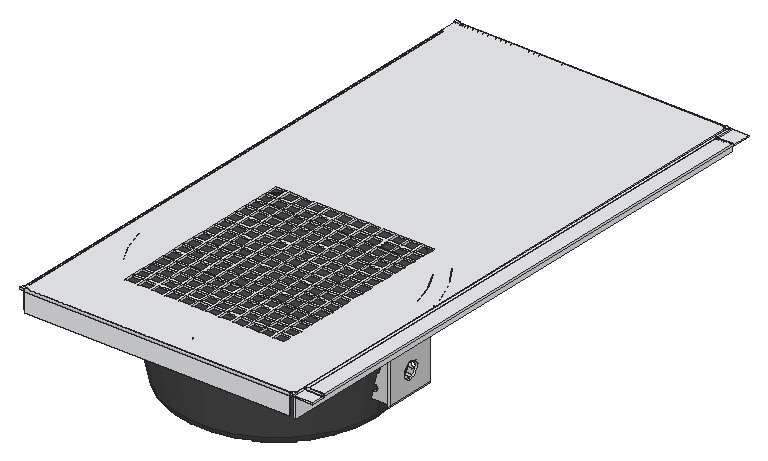
Revit family "DT12", category Communication Devices, host Face, Revit 2014
Parameters
  Width = 12.83"
  Weight in Pounds = 9.25
  Warranty = "TBD"
  Vertical Symmetry = no
  URL = "www.atlassound.com"
  Type Driver = "8\" Dual Cone"
  Speaker Listening Height = 30.00"
  Speaker Height = 120.00"
  Speaker Cone Visible [instance] = no
  Speaker Cone Height [instance] = (Speaker Height - Speaker Listening Height)  # 90.00"
  Sensitivity = 96
  ScheduleType |RF| = "AtlasIED Master"
  Safety Agency Ratings = "UL Listed to Comply with UL1480, UL2043"
  Radius of Speaker Cone [instance] = (Speaker Cone Height) * tan(Dispersion Angle / 2)  # 117.29028"
  Product Page URL = "https://www.atlasied.com/Product/ProductDetails?productId=3138"
  Product Documentation Link = "https://www.atlasied.com/f/3082/ATS004928%20DT21%20Datasheet.pdf"
  Power Rating (RMS) = "10 Watts"
  Part Number = "DT12"
  OmniClass Title = "SPEAKERS"
  OmniClass Number = "23-37 17 13 19"
  Mount Material = Default
  Model = "DT12"
  MaterFormat Title = ""
  MasterFormat = "27 41 13"
  Market = "Commercial, Higher Education, Emergency"
  Manufacturer URL = "https://www.atlasied.com"
  Manufacturer Phone = "(800) 876 - 3333"
  Manufacturer Email = "support@atlasied.com"
  Manufacturer Address = "4545 E. Baseline Rd., Phoenix, AZ 85042"
  Manufacturer = "ATLAS SOUND"
  Ingress Protection = "IP-21"
  IQ Category = "SPEAKERS"
  Horizontal Symmetry = no
  Height = 23.90"
  Grill Material = none
  Frequency Response  = "100Hz-5kHz"
  Family Code (default) = "ITS Inc."
  Enclosure Material = none
  Dispersion Angle [instance] = 105.00°
  Description = "1' X 2' DROP TILE LOUDSPEAKER PACKAGE WITH PERFERATION BELOW LOUDSPEAKER ONLY"
  Depth = 4.53"
  Default Elevation = 48.00"
  Cost MSRP = 86.99
  Cost = 0
  Color = none
  Body Material = QF_Plastic - White - Smooth
  Baffle Material = none
  70V Taps [instance] = ".25, .5, 1, 2, & .4 Watts"
  25V Taps = ".25, .5, 1, 2, & .4 Watts"
Reference planes (in)
  plane 1 "Center (Front/Back)": y = 0
  plane 2: z = 0
  plane 3 "Center (Left/Right)": x = 0
  plane 4: x = 12.83
  plane 5: y = 23.9
  plane 6: z = -23.9
  plane 7: x = 6.415
Forms (in)
  Extrusion 1, void
    sketch origin (0, 0, 0) x (1, 0, 0) y (0, 1, 0)
      loop
        line (0, 23.9) -> (0, 0) -> (12.83, 0) -> (12.83, 23.9) -> (0, 23.9)
    from 0 to -4.53
  Blend 2, solid, material "Glass", visible <- "Speaker Cone Visible"
    base sketch origin (9.92659, -173.47225, 0.1086) x (0, -1, 0) y (1, 0, 0)
      loop
        circle (-180.09521, -3.51159) r 117.29028
    top sketch origin (9.92659, -173.47225, 0.1086) x (0, -1, 0) y (1, 0, 0)
      loop
        circle (-180.09521, -3.51159) r 0.13513
    from 90 <- "Speaker Cone Height" to 0
Lines and regions (in)
  symbolic lines, style "Sound Projection Average", visible <- "Speaker Cone Visible"
    curve 1: circle (6.415, 6.62297, 0) r 117.29028 normal (0, 0, 1)
Dimensions and locks (in)
  "Height": level to plane 6
  "Width": plane 3 "Center (Left/Right)" to plane 4
  "Height": plane 5 to plane 1 "Center (Front/Back)"
  equal spacing: plane 3 "Center (Left/Right)", plane 7, plane 4
  "Radius of Speaker Cone": radius of Blend 2 sketch curve
  aligned and locked: plane 2 to host face
  aligned and locked: level to host face
  aligned and locked: plane 3 "Center (Left/Right)" to nested 1
  aligned and locked: plane 5 to nested 1
  aligned and locked: nested 1 to level
  aligned and locked: curve 1 to Blend 2
Automatic sketch dimensions
  host sketch curve to host sketch curve = 96.00"  (x2)
  plane 1 "Center (Front/Back)" to Extrusion 1 sketch curve = 0.00"
  Extrusion 1 sketch curve to plane 3 "Center (Left/Right)" = 0.00"
  Extrusion 1 sketch curve to plane 4 = 0.00"
  Extrusion 1 sketch curve to plane 5 = 0.00"
  Blend 2 sketch curve to plane 4 = 6.415"
  Blend 2 sketch curve to plane 1 "Center (Front/Back)" = 6.62297"  (x2)
  Blend 2 sketch curve to plane 7 = 0.00"
  radius of Blend 2 sketch curve = 0.13513"
Nested families (in)
  nested 1: "ATLAS SOUND_DT12" at (6, 6.62297, -2.25) x (1, 0, 0) z (0, 1, 0), type "ATLAS SOUND_DT12"
    with Family Version "2017-01", Bracket Offset 0.00", Bracket yes
Definition of nested family "ATLAS SOUND_DT12"
  Parameters (values of type "FEST-SERIES")
    Width = 17.63"
    Weight Product = 0
    Warranty = "TBD"
    Vertical Symmetry = yes
    URL = "www.atlassound.com"
    Specification by User (default) = "TBD"
    ScheduleType |RF| = "AtlasIED Master"
    Product Page URL = "https://www.atlasied.com/fest-i8s"
    Product Documentation Link = "https://www.atlasied.com/f/2864/ATS002382C%20IP%20Enclosures%20Datasheet.pdf"
    OmniClass Title = "AUDIO VISUAL ENCLOSURES"
    OmniClass Number = "23-37 17 13 19"
    Mount Material = Default
    Model = "FEST-I8S"
    MaterFormat Title = "Public Information Systems"
    MasterFormat = "27 41 13"
    Market = "Commercial, Higher Education, Emergency"
    Manufacturer URL = "https://www.atlasied.com"
    Manufacturer Phone = "(800) 876 - 3333"
    Manufacturer Email = "support@atlasied.com"
    Manufacturer Address = "4545 E. Baseline Rd., Phoenix, AZ 85042"
    Manufacturer = "ATLAS SOUND"
    Ingress Protection = "TBD"
    IQ Category = "AUDIO VISUAL ENCLOSURES"
    Horizontal Symmetry = yes
    Height = 4.50"
    Grill Material = none
    Family Version [instance] = "2017-01"
    Family Code (default) = "LOUD SPEAKERS"
    Enclosure Material = none
    Description = "FLUSH MOUNT ENCLOSURE IS DESIGNED FOR USE ONLY WITH ATLAS SOUND LOUDSPEAKER SYSTEM MODELS I8S AND I8SM. THE UNIT INCLUDES A SLOT STYLE MOUNTING SYSTEM TO ACCOMMODATE ALMOST ANY MATERIAL THICKNESS. THE ENCLOSURE IS CONSTRUCTED OF 20-GAUGE CRS AND FINISHED IN RECLAIMED POWDER COAT FINISH."
    Depth = 4.50"
    Cost MSRP = 0
    Cost = 0
    Color = none
    Bracket Spacing = 15.50"
    Bracket Offset [instance] = 0.00"
    Bracket [instance] = yes
    Body Spacing = 10.63"
    Body Material = QF_Plastic - White - Smooth
    Baffle Material = none
  Reference planes (in)
    plane 1 "Center (Front/Back)": y = 0
    plane 2: z = 0
    plane 3 "Center (Left/Right)": x = 0
    plane 4: z = 4.5
    plane 5: y = 2.25
    plane 6: y = -2.25
    plane 7: z = 2.25
    plane 8: y = -2.284
    plane 9: y = -2.284
    plane 10: x = -6
    plane 11: x = 6
    plane 12: z = -6.62297
    plane 13: z = 17.27703
    plane 14: x = 6.81
    plane 15: x = -5.85
    plane 16: x = 5.85
    plane 17: z = 17.12703
    plane 18: z = -6.47297
    plane 19: y = -1.4403
    plane 20: x = -5.95
    plane 21: y = -2.25
    plane 22: z = -6.57297
    plane 23: y = -2.3586
    plane 24: z = 16.47378
    plane 25: x = 6.09892
  Forms (in)
    Revolve 1, solid, material "QF_Plastic - Black - Fine Textured"
      sketch origin (0, 0, 0) x (1, 0, 0) y (0, 1, 0)
        loop
          line (0, 2.25) -> (-3.88197, 2.25)
          arc (-3.88197, 2.25) -> (-4.20059, 2.14162) -> (-4.39943, 1.87009) r 0.5596
          line (-4.39943, 1.87009) -> (-5.32256, -2.284) -> (0, -2.284) -> (0, 2.25)
        axis (0, 2.25) -> (0, -2.284)
      angle from 0 to 360
    Extrusion 2, solid, material "QF_Plastic - Black - Fine Textured"
      sketch origin (0, 8.62235, -0.04661) x (1, 0, 0) y (0, 0, 1)
        loop
          circle (0, 0) r 5.315
        loop
          arc (-0.49032, 5.97993) -> (-5.99998, -0.01432) -> (-0.46178, -5.9822) r 6
          line (-0.46178, -5.9822) -> (-0.29845, -5.53347) -> (0.25982, -5.53347) -> (0.38157, -5.98785)
          arc (0.38157, -5.98785) -> (2.44787, -5.54173) -> (4.16926, -4.31477) r 5.23491
          arc (4.16926, -4.31477) -> (4.22602, -4.2121) -> (4.2282, -4.09481) r 0.24356
          line (4.2282, -4.09481) -> (3.95249, -3.8191)
          arc (3.95249, -3.8191) -> (4.69458, -2.90013) -> (5.17383, -1.82054) r 4.5294
          line (5.17383, -1.82054) -> (5.35565, -1.87421)
          arc (5.35565, -1.87421) -> (4.94361, -2.85755) -> (4.32239, -3.72405) r 4.7444
          arc (4.32239, -3.72405) -> (4.32738, -3.91448) -> (4.51401, -3.95269) r 0.15312
          arc (4.51401, -3.95269) -> (5.56858, 2.23403) -> (0.53056, 5.9765) r 6
          line (0.53056, 5.9765) -> (0.34477, 5.46605) -> (-0.35263, 5.46605) -> (-0.49032, 5.97993)
        loop
          circle (1.48174, 5.49158) r 0.25
        loop
          circle (-1.78289, 5.3723) r 0.25
        loop
          circle (-5.47, -1.60531) r 0.25
        loop
          circle (-5.22125, -2.22582) r 0.25
        loop
          circle (-4.89816, -2.88284) r 0.25
        loop
          circle (-4.46015, -3.58851) r 0.25
        loop
          circle (4.58113, 3.42392) r 0.14979
        loop
          circle (4.99638, 2.72755) r 0.15103
        loop
          circle (5.30037, 1.86356) r 0.16737
        loop
          circle (5.5545, 1.10707) r 0.15398
        loop
          circle (5.35982, -2.35567) r 0.09703
        loop
          circle (5.19058, -2.71701) r 0.10063
        loop
          circle (4.98018, -3.06921) r 0.1035
        loop
          circle (4.75719, -3.40655) r 0.10978
        loop
          circle (4.53694, -3.69387) r 0.11473
        loop
          circle (-4.81998, 3.11698) r 0.07271
        loop
          circle (-4.6748, 3.31055) r 0.11549
        loop
          circle (-4.46308, 3.57671) r 0.1882
        loop
          line (-1.00852, -5.46877) -> (-1.1853, -5.29199) -> (-1.42678, -5.3567) -> (-1.49148, -5.59818) -> (-1.3147, -5.77496) -> (-1.07322, -5.71025) -> (-1.00852, -5.46877)
        loop
          line (1.25, -5.53347) -> (1.125, -5.31697) -> (0.875, -5.31697) -> (0.75, -5.53347) -> (0.875, -5.74998) -> (1.125, -5.74998) -> (1.25, -5.53347)
      from 10.87235 to 10.90635
    Extrusion 3, solid, material "QF_Plastic - White - Smooth" <- "Body Material"
      sketch origin (0, -0.17188, 0) x (1, 0, 0) y (0, 0, 1)
        loop
          line (-6, 17.27703) -> (-6, 17.12703) -> (-5.95, 17.12703) -> (-5.9, 17.12703) -> (-5.9, 17.07703) -> (-5.95, 17.07703) -> (-5.95, -6.42297) -> (-5.9, -6.42297) -> (-5.9, -6.47297) -> (-6, -6.47297) -> (-6, -6.62297) -> (-5.85, -6.62297) -> (-5.85, -6.52297) -> (-5.8, -6.52297) -> (-5.8, -6.57297) -> (5.8, -6.57297) -> (5.8, -6.52297) -> (5.85, -6.52297) -> (5.85, -6.57297) -> (5.85, -6.62297) -> (6, -6.62297) -> (6, -6.47297) -> (5.94776, -6.47297) -> (5.9, -6.47297) -> (5.9, -6.42297) -> (5.95, -6.42297) -> (5.95, 17.07703) -> (5.9, 17.07703) -> (5.9, 17.12703) -> (5.95969, 17.12703) -> (6, 17.12703) -> (6, 17.27703) -> (5.85, 17.27703) -> (5.85, 17.17703) -> (5.8, 17.17703) -> (5.8, 17.22703) -> (-5.8, 17.22703) -> (-5.8, 17.17703) -> (-5.85, 17.17703) -> (-5.85, 17.22023) -> (-5.85, 17.27703) -> (-6, 17.27703)
        loop
          line (-3.55196, 4.32558) -> (-3.55196, 3.82558) -> (-3.05196, 3.82558) -> (-3.05196, 4.32558) -> (-3.55196, 4.32558)
        loop
          line (-3.55196, 3.7105) -> (-3.55196, 3.26891) -> (-3.05196, 3.26891) -> (-3.05196, 3.7105) -> (-3.55196, 3.7105)
        loop
          line (-3.55196, 3.19028) -> (-3.55196, 2.71845) -> (-3.05196, 2.71845) -> (-3.05196, 3.19028) -> (-3.55196, 3.19028)
        loop
          line (-3.55196, 2.63583) -> (-3.55196, 2.16242) -> (-3.05196, 2.16242) -> (-3.05196, 2.63583) -> (-3.55196, 2.63583)
        loop
          line (-3.55196, 2.06248) -> (-3.55196, 1.58382) -> (-3.05196, 1.58382) -> (-3.05196, 2.06248) -> (-3.55196, 2.06248)
        loop
          line (-3.55196, 1.46953) -> (-3.55196, 1.02795) -> (-3.05196, 1.02795) -> (-3.05196, 1.46953) -> (-3.55196, 1.46953)
        loop
          line (-3.55196, 0.92511) -> (-3.55196, 0.42304) -> (-3.05196, 0.42304) -> (-3.05196, 0.92511) -> (-3.55196, 0.92511)
        loop
          line (-3.55196, 0.32625) -> (-3.55196, -0.14558) -> (-3.05196, -0.14558) -> (-3.05196, 0.32625) -> (-3.55196, 0.32625)
        loop
          line (-3.55196, -0.24781) -> (-3.55196, -0.72122) -> (-3.05196, -0.72122) -> (-3.05196, -0.24781) -> (-3.55196, -0.24781)
        loop
          line (-3.55196, -0.80538) -> (-3.55196, -1.22618) -> (-3.05196, -1.22618) -> (-3.05196, -0.80538) -> (-3.55196, -0.80538)
        loop
          line (-3.55196, -1.32249) -> (-3.55196, -1.81849) -> (-3.05196, -1.81849) -> (-3.05196, -1.32249) -> (-3.55196, -1.32249)
        loop
          line (-3.55196, -1.89049) -> (-3.55196, -2.34648) -> (-3.05196, -2.34648) -> (-3.05196, -1.89049) -> (-3.55196, -1.89049)
        loop
          line (-3.55196, -2.44248) -> (-3.55196, -2.91448) -> (-3.05196, -2.91448) -> (-3.05196, -2.44248) -> (-3.55196, -2.44248)
        loop
          line (-3.55196, -3.01848) -> (-3.55196, -3.43447) -> (-3.05196, -3.43447) -> (-3.05196, -3.01848) -> (-3.55196, -3.01848)
        loop
          line (-3.55196, -3.55095) -> (-3.55196, -3.96833) -> (-3.05196, -3.96833) -> (-3.05196, -3.55095) -> (-3.55196, -3.55095)
        loop
          line (-2.95961, 4.32558) -> (-2.95961, 3.82558) -> (-2.45961, 3.82558) -> (-2.45961, 4.32558) -> (-2.95961, 4.32558)
        loop
          line (-2.95961, 3.7105) -> (-2.95961, 3.26891) -> (-2.45961, 3.26891) -> (-2.45961, 3.7105) -> (-2.95961, 3.7105)
        loop
          line (-2.95961, 3.19028) -> (-2.95961, 2.71845) -> (-2.45961, 2.71845) -> (-2.45961, 3.19028) -> (-2.95961, 3.19028)
        loop
          line (-2.95961, 2.63583) -> (-2.95961, 2.16242) -> (-2.45961, 2.16242) -> (-2.45961, 2.63583) -> (-2.95961, 2.63583)
        loop
          line (-2.95961, 2.06248) -> (-2.95961, 1.58382) -> (-2.45961, 1.58382) -> (-2.45961, 2.06248) -> (-2.95961, 2.06248)
        loop
          line (-2.95961, 1.46953) -> (-2.95961, 1.02795) -> (-2.45961, 1.02795) -> (-2.45961, 1.46953) -> (-2.95961, 1.46953)
        loop
          line (-2.95961, 0.92511) -> (-2.95961, 0.42304) -> (-2.45961, 0.42304) -> (-2.45961, 0.92511) -> (-2.95961, 0.92511)
        loop
          line (-2.95961, 0.32625) -> (-2.95961, -0.14558) -> (-2.45961, -0.14558) -> (-2.45961, 0.32625) -> (-2.95961, 0.32625)
        loop
          line (-2.95961, -0.24781) -> (-2.95961, -0.72122) -> (-2.45961, -0.72122) -> (-2.45961, -0.24781) -> (-2.95961, -0.24781)
        loop
          line (-2.95961, -0.80538) -> (-2.95961, -1.22618) -> (-2.45961, -1.22618) -> (-2.45961, -0.80538) -> (-2.95961, -0.80538)
        loop
          line (-2.95961, -1.32249) -> (-2.95961, -1.81849) -> (-2.45961, -1.81849) -> (-2.45961, -1.32249) -> (-2.95961, -1.32249)
        loop
          line (-2.95961, -1.89049) -> (-2.95961, -2.34648) -> (-2.45961, -2.34648) -> (-2.45961, -1.89049) -> (-2.95961, -1.89049)
        loop
          line (-2.95961, -2.44248) -> (-2.95961, -2.91448) -> (-2.45961, -2.91448) -> (-2.45961, -2.44248) -> (-2.95961, -2.44248)
        loop
          line (-2.95961, -3.01848) -> (-2.95961, -3.43447) -> (-2.45961, -3.43447) -> (-2.45961, -3.01848) -> (-2.95961, -3.01848)
        loop
          line (-2.95961, -3.55095) -> (-2.95961, -3.96833) -> (-2.45961, -3.96833) -> (-2.45961, -3.55095) -> (-2.95961, -3.55095)
        loop
          line (-2.36446, 4.32558) -> (-2.36446, 3.82558) -> (-1.86446, 3.82558) -> (-1.86446, 4.32558) -> (-2.36446, 4.32558)
        loop
          line (-2.36446, 3.7105) -> (-2.36446, 3.26891) -> (-1.86446, 3.26891) -> (-1.86446, 3.7105) -> (-2.36446, 3.7105)
        loop
          line (-2.36446, 3.19028) -> (-2.36446, 2.71845) -> (-1.86446, 2.71845) -> (-1.86446, 3.19028) -> (-2.36446, 3.19028)
        loop
          line (-2.36446, 2.63583) -> (-2.36446, 2.16242) -> (-1.86446, 2.16242) -> (-1.86446, 2.63583) -> (-2.36446, 2.63583)
        loop
          line (-2.36446, 2.06248) -> (-2.36446, 1.58382) -> (-1.86446, 1.58382) -> (-1.86446, 2.06248) -> (-2.36446, 2.06248)
        loop
          line (-2.36446, 1.46953) -> (-2.36446, 1.02795) -> (-1.86446, 1.02795) -> (-1.86446, 1.46953) -> (-2.36446, 1.46953)
        loop
          line (-2.36446, 0.92511) -> (-2.36446, 0.42304) -> (-1.86446, 0.42304) -> (-1.86446, 0.92511) -> (-2.36446, 0.92511)
        loop
          line (-2.36446, 0.32625) -> (-2.36446, -0.14558) -> (-1.86446, -0.14558) -> (-1.86446, 0.32625) -> (-2.36446, 0.32625)
        loop
          line (-2.36446, -0.24781) -> (-2.36446, -0.72122) -> (-1.86446, -0.72122) -> (-1.86446, -0.24781) -> (-2.36446, -0.24781)
        loop
          line (-2.36446, -0.80538) -> (-2.36446, -1.22618) -> (-1.86446, -1.22618) -> (-1.86446, -0.80538) -> (-2.36446, -0.80538)
        loop
          line (-2.36446, -1.32249) -> (-2.36446, -1.81849) -> (-1.86446, -1.81849) -> (-1.86446, -1.32249) -> (-2.36446, -1.32249)
        loop
          line (-2.36446, -1.89049) -> (-2.36446, -2.34648) -> (-1.86446, -2.34648) -> (-1.86446, -1.89049) -> (-2.36446, -1.89049)
        loop
          line (-2.36446, -2.44248) -> (-2.36446, -2.91448) -> (-1.86446, -2.91448) -> (-1.86446, -2.44248) -> (-2.36446, -2.44248)
        loop
          line (-2.36446, -3.01848) -> (-2.36446, -3.43447) -> (-1.86446, -3.43447) -> (-1.86446, -3.01848) -> (-2.36446, -3.01848)
        loop
          line (-2.36446, -3.55095) -> (-2.36446, -3.96833) -> (-1.86446, -3.96833) -> (-1.86446, -3.55095) -> (-2.36446, -3.55095)
        loop
          line (-1.77211, 4.32558) -> (-1.77211, 3.82558) -> (-1.27211, 3.82558) -> (-1.27211, 4.32558) -> (-1.77211, 4.32558)
        loop
          line (-1.77211, 3.7105) -> (-1.77211, 3.26891) -> (-1.27211, 3.26891) -> (-1.27211, 3.7105) -> (-1.77211, 3.7105)
        loop
          line (-1.77211, 3.19028) -> (-1.77211, 2.71845) -> (-1.27211, 2.71845) -> (-1.27211, 3.19028) -> (-1.77211, 3.19028)
        loop
          line (-1.77211, 2.63583) -> (-1.77211, 2.16242) -> (-1.27211, 2.16242) -> (-1.27211, 2.63583) -> (-1.77211, 2.63583)
        loop
          line (-1.77211, 2.06248) -> (-1.77211, 1.58382) -> (-1.27211, 1.58382) -> (-1.27211, 2.06248) -> (-1.77211, 2.06248)
        loop
          line (-1.77211, 1.46953) -> (-1.77211, 1.02795) -> (-1.27211, 1.02795) -> (-1.27211, 1.46953) -> (-1.77211, 1.46953)
        loop
          line (-1.77211, 0.92511) -> (-1.77211, 0.42304) -> (-1.27211, 0.42304) -> (-1.27211, 0.92511) -> (-1.77211, 0.92511)
        loop
          line (-1.77211, 0.32625) -> (-1.77211, -0.14558) -> (-1.27211, -0.14558) -> (-1.27211, 0.32625) -> (-1.77211, 0.32625)
        loop
          line (-1.77211, -0.24781) -> (-1.77211, -0.72122) -> (-1.27211, -0.72122) -> (-1.27211, -0.24781) -> (-1.77211, -0.24781)
        loop
          line (-1.77211, -0.80538) -> (-1.77211, -1.22618) -> (-1.27211, -1.22618) -> (-1.27211, -0.80538) -> (-1.77211, -0.80538)
        loop
          line (-1.77211, -1.32249) -> (-1.77211, -1.81849) -> (-1.27211, -1.81849) -> (-1.27211, -1.32249) -> (-1.77211, -1.32249)
        loop
          line (-1.77211, -1.89049) -> (-1.77211, -2.34648) -> (-1.27211, -2.34648) -> (-1.27211, -1.89049) -> (-1.77211, -1.89049)
        loop
          line (-1.77211, -2.44248) -> (-1.77211, -2.91448) -> (-1.27211, -2.91448) -> (-1.27211, -2.44248) -> (-1.77211, -2.44248)
        loop
          line (-1.77211, -3.01848) -> (-1.77211, -3.43447) -> (-1.27211, -3.43447) -> (-1.27211, -3.01848) -> (-1.77211, -3.01848)
        loop
          line (-1.77211, -3.55095) -> (-1.77211, -3.96833) -> (-1.27211, -3.96833) -> (-1.27211, -3.55095) -> (-1.77211, -3.55095)
        loop
          line (-1.17696, 4.32558) -> (-1.17696, 3.82558) -> (-0.67696, 3.82558) -> (-0.67696, 4.32558) -> (-1.17696, 4.32558)
        loop
          line (-1.17696, 3.7105) -> (-1.17696, 3.26891) -> (-0.67696, 3.26891) -> (-0.67696, 3.7105) -> (-1.17696, 3.7105)
        loop
          line (-1.17696, 3.19028) -> (-1.17696, 2.71845) -> (-0.67696, 2.71845) -> (-0.67696, 3.19028) -> (-1.17696, 3.19028)
        loop
          line (-1.17696, 2.63583) -> (-1.17696, 2.16242) -> (-0.67696, 2.16242) -> (-0.67696, 2.63583) -> (-1.17696, 2.63583)
        loop
          line (-1.17696, 2.06248) -> (-1.17696, 1.58382) -> (-0.67696, 1.58382) -> (-0.67696, 2.06248) -> (-1.17696, 2.06248)
        loop
          line (-1.17696, 1.46953) -> (-1.17696, 1.02795) -> (-0.67696, 1.02795) -> (-0.67696, 1.46953) -> (-1.17696, 1.46953)
        loop
          line (-1.17696, 0.92511) -> (-1.17696, 0.42304) -> (-0.67696, 0.42304) -> (-0.67696, 0.92511) -> (-1.17696, 0.92511)
        loop
          line (-1.17696, 0.32625) -> (-1.17696, -0.14558) -> (-0.67696, -0.14558) -> (-0.67696, 0.32625) -> (-1.17696, 0.32625)
        loop
          line (-1.17696, -0.24781) -> (-1.17696, -0.72122) -> (-0.67696, -0.72122) -> (-0.67696, -0.24781) -> (-1.17696, -0.24781)
        loop
          line (-1.17696, -0.80538) -> (-1.17696, -1.22618) -> (-0.67696, -1.22618) -> (-0.67696, -0.80538) -> (-1.17696, -0.80538)
        loop
          line (-1.17696, -1.32249) -> (-1.17696, -1.81849) -> (-0.67696, -1.81849) -> (-0.67696, -1.32249) -> (-1.17696, -1.32249)
        loop
          line (-1.17696, -1.89049) -> (-1.17696, -2.34648) -> (-0.67696, -2.34648) -> (-0.67696, -1.89049) -> (-1.17696, -1.89049)
        loop
          line (-1.17696, -2.44248) -> (-1.17696, -2.91448) -> (-0.67696, -2.91448) -> (-0.67696, -2.44248) -> (-1.17696, -2.44248)
        loop
          line (-1.17696, -3.01848) -> (-1.17696, -3.43447) -> (-0.67696, -3.43447) -> (-0.67696, -3.01848) -> (-1.17696, -3.01848)
        loop
          line (-1.17696, -3.55095) -> (-1.17696, -3.96833) -> (-0.67696, -3.96833) -> (-0.67696, -3.55095) -> (-1.17696, -3.55095)
        loop
          line (-0.58461, 4.32558) -> (-0.58461, 3.82558) -> (-0.08461, 3.82558) -> (-0.08461, 4.32558) -> (-0.58461, 4.32558)
        loop
          line (-0.58461, 3.7105) -> (-0.58461, 3.26891) -> (-0.08461, 3.26891) -> (-0.08461, 3.7105) -> (-0.58461, 3.7105)
        loop
          line (-0.58461, 3.19028) -> (-0.58461, 2.71845) -> (-0.08461, 2.71845) -> (-0.08461, 3.19028) -> (-0.58461, 3.19028)
        loop
          line (-0.58461, 2.63583) -> (-0.58461, 2.16242) -> (-0.08461, 2.16242) -> (-0.08461, 2.63583) -> (-0.58461, 2.63583)
        loop
          line (-0.58461, 2.06248) -> (-0.58461, 1.58382) -> (-0.08461, 1.58382) -> (-0.08461, 2.06248) -> (-0.58461, 2.06248)
        loop
          line (-0.58461, 1.46953) -> (-0.58461, 1.02795) -> (-0.08461, 1.02795) -> (-0.08461, 1.46953) -> (-0.58461, 1.46953)
        loop
          line (-0.58461, 0.92511) -> (-0.58461, 0.42304) -> (-0.08461, 0.42304) -> (-0.08461, 0.92511) -> (-0.58461, 0.92511)
        loop
          line (-0.58461, 0.32625) -> (-0.58461, -0.14558) -> (-0.08461, -0.14558) -> (-0.08461, 0.32625) -> (-0.58461, 0.32625)
        loop
          line (-0.58461, -0.24781) -> (-0.58461, -0.72122) -> (-0.08461, -0.72122) -> (-0.08461, -0.24781) -> (-0.58461, -0.24781)
        loop
          line (-0.58461, -0.80538) -> (-0.58461, -1.22618) -> (-0.08461, -1.22618) -> (-0.08461, -0.80538) -> (-0.58461, -0.80538)
        loop
          line (-0.58461, -1.32249) -> (-0.58461, -1.81849) -> (-0.08461, -1.81849) -> (-0.08461, -1.32249) -> (-0.58461, -1.32249)
        loop
          line (-0.58461, -1.89049) -> (-0.58461, -2.34648) -> (-0.08461, -2.34648) -> (-0.08461, -1.89049) -> (-0.58461, -1.89049)
        loop
          line (-0.58461, -2.44248) -> (-0.58461, -2.91448) -> (-0.08461, -2.91448) -> (-0.08461, -2.44248) -> (-0.58461, -2.44248)
        loop
          line (-0.58461, -3.01848) -> (-0.58461, -3.43447) -> (-0.08461, -3.43447) -> (-0.08461, -3.01848) -> (-0.58461, -3.01848)
        loop
          line (-0.58461, -3.55095) -> (-0.58461, -3.96833) -> (-0.08461, -3.96833) -> (-0.08461, -3.55095) -> (-0.58461, -3.55095)
        loop
          line (0.01054, 4.32558) -> (0.01054, 3.82558) -> (0.51054, 3.82558) -> (0.51054, 4.32558) -> (0.01054, 4.32558)
        loop
          line (0.01054, 3.7105) -> (0.01054, 3.26891) -> (0.51054, 3.26891) -> (0.51054, 3.7105) -> (0.01054, 3.7105)
        loop
          line (0.01054, 3.19028) -> (0.01054, 2.71845) -> (0.51054, 2.71845) -> (0.51054, 3.19028) -> (0.01054, 3.19028)
        loop
          line (0.01054, 2.63583) -> (0.01054, 2.16242) -> (0.51054, 2.16242) -> (0.51054, 2.63583) -> (0.01054, 2.63583)
        loop
          line (0.01054, 2.06248) -> (0.01054, 1.58382) -> (0.51054, 1.58382) -> (0.51054, 2.06248) -> (0.01054, 2.06248)
        loop
          line (0.01054, 1.46953) -> (0.01054, 1.02795) -> (0.51054, 1.02795) -> (0.51054, 1.46953) -> (0.01054, 1.46953)
        loop
          line (0.01054, 0.92511) -> (0.01054, 0.42304) -> (0.51054, 0.42304) -> (0.51054, 0.92511) -> (0.01054, 0.92511)
        loop
          line (0.01054, 0.32625) -> (0.01054, -0.14558) -> (0.51054, -0.14558) -> (0.51054, 0.32625) -> (0.01054, 0.32625)
        loop
          line (0.01054, -0.24781) -> (0.01054, -0.72122) -> (0.51054, -0.72122) -> (0.51054, -0.24781) -> (0.01054, -0.24781)
        loop
          line (0.01054, -0.80538) -> (0.01054, -1.22618) -> (0.51054, -1.22618) -> (0.51054, -0.80538) -> (0.01054, -0.80538)
        loop
          line (0.01054, -1.32249) -> (0.01054, -1.81849) -> (0.51054, -1.81849) -> (0.51054, -1.32249) -> (0.01054, -1.32249)
        loop
          line (0.01054, -1.89049) -> (0.01054, -2.34648) -> (0.51054, -2.34648) -> (0.51054, -1.89049) -> (0.01054, -1.89049)
        loop
          line (0.01054, -2.44248) -> (0.01054, -2.91448) -> (0.51054, -2.91448) -> (0.51054, -2.44248) -> (0.01054, -2.44248)
        loop
          line (0.01054, -3.01848) -> (0.01054, -3.43447) -> (0.51054, -3.43447) -> (0.51054, -3.01848) -> (0.01054, -3.01848)
        loop
          line (0.01054, -3.55095) -> (0.01054, -3.96833) -> (0.51054, -3.96833) -> (0.51054, -3.55095) -> (0.01054, -3.55095)
        loop
          line (0.60289, 4.32558) -> (0.60289, 3.82558) -> (1.10289, 3.82558) -> (1.10289, 4.32558) -> (0.60289, 4.32558)
        loop
          line (0.60289, 3.7105) -> (0.60289, 3.26891) -> (1.10289, 3.26891) -> (1.10289, 3.7105) -> (0.60289, 3.7105)
        loop
          line (0.60289, 3.19028) -> (0.60289, 2.71845) -> (1.10289, 2.71845) -> (1.10289, 3.19028) -> (0.60289, 3.19028)
        loop
          line (0.60289, 2.63583) -> (0.60289, 2.16242) -> (1.10289, 2.16242) -> (1.10289, 2.63583) -> (0.60289, 2.63583)
        loop
          line (0.60289, 2.06248) -> (0.60289, 1.58382) -> (1.10289, 1.58382) -> (1.10289, 2.06248) -> (0.60289, 2.06248)
        loop
          line (0.60289, 1.46953) -> (0.60289, 1.02795) -> (1.10289, 1.02795) -> (1.10289, 1.46953) -> (0.60289, 1.46953)
        loop
          line (0.60289, 0.92511) -> (0.60289, 0.42304) -> (1.10289, 0.42304) -> (1.10289, 0.92511) -> (0.60289, 0.92511)
        loop
          line (0.60289, 0.32625) -> (0.60289, -0.14558) -> (1.10289, -0.14558) -> (1.10289, 0.32625) -> (0.60289, 0.32625)
        loop
          line (0.60289, -0.24781) -> (0.60289, -0.72122) -> (1.10289, -0.72122) -> (1.10289, -0.24781) -> (0.60289, -0.24781)
        loop
          line (0.60289, -0.80538) -> (0.60289, -1.22618) -> (1.10289, -1.22618) -> (1.10289, -0.80538) -> (0.60289, -0.80538)
        loop
          line (0.60289, -1.32249) -> (0.60289, -1.81849) -> (1.10289, -1.81849) -> (1.10289, -1.32249) -> (0.60289, -1.32249)
        loop
          line (0.60289, -1.89049) -> (0.60289, -2.34648) -> (1.10289, -2.34648) -> (1.10289, -1.89049) -> (0.60289, -1.89049)
        loop
          line (0.60289, -2.44248) -> (0.60289, -2.91448) -> (1.10289, -2.91448) -> (1.10289, -2.44248) -> (0.60289, -2.44248)
        loop
          line (0.60289, -3.01848) -> (0.60289, -3.43447) -> (1.10289, -3.43447) -> (1.10289, -3.01848) -> (0.60289, -3.01848)
        loop
          line (0.60289, -3.55095) -> (0.60289, -3.96833) -> (1.10289, -3.96833) -> (1.10289, -3.55095) -> (0.60289, -3.55095)
        loop
          line (1.19804, 4.32558) -> (1.19804, 3.82558) -> (1.69804, 3.82558) -> (1.69804, 4.32558) -> (1.19804, 4.32558)
        loop
          line (1.19804, 3.7105) -> (1.19804, 3.26891) -> (1.69804, 3.26891) -> (1.69804, 3.7105) -> (1.19804, 3.7105)
        loop
          line (1.19804, 3.19028) -> (1.19804, 2.71845) -> (1.69804, 2.71845) -> (1.69804, 3.19028) -> (1.19804, 3.19028)
        loop
          line (1.19804, 2.63583) -> (1.19804, 2.16242) -> (1.69804, 2.16242) -> (1.69804, 2.63583) -> (1.19804, 2.63583)
        loop
          line (1.19804, 2.06248) -> (1.19804, 1.58382) -> (1.69804, 1.58382) -> (1.69804, 2.06248) -> (1.19804, 2.06248)
        loop
          line (1.19804, 1.46953) -> (1.19804, 1.02795) -> (1.69804, 1.02795) -> (1.69804, 1.46953) -> (1.19804, 1.46953)
        loop
          line (1.19804, 0.92511) -> (1.19804, 0.42304) -> (1.69804, 0.42304) -> (1.69804, 0.92511) -> (1.19804, 0.92511)
        loop
          line (1.19804, 0.32625) -> (1.19804, -0.14558) -> (1.69804, -0.14558) -> (1.69804, 0.32625) -> (1.19804, 0.32625)
        loop
          line (1.19804, -0.24781) -> (1.19804, -0.72122) -> (1.69804, -0.72122) -> (1.69804, -0.24781) -> (1.19804, -0.24781)
        loop
          line (1.19804, -0.80538) -> (1.19804, -1.22618) -> (1.69804, -1.22618) -> (1.69804, -0.80538) -> (1.19804, -0.80538)
        loop
          line (1.19804, -1.32249) -> (1.19804, -1.81849) -> (1.69804, -1.81849) -> (1.69804, -1.32249) -> (1.19804, -1.32249)
        loop
          line (1.19804, -1.89049) -> (1.19804, -2.34648) -> (1.69804, -2.34648) -> (1.69804, -1.89049) -> (1.19804, -1.89049)
        loop
          line (1.19804, -2.44248) -> (1.19804, -2.91448) -> (1.69804, -2.91448) -> (1.69804, -2.44248) -> (1.19804, -2.44248)
        loop
          line (1.19804, -3.01848) -> (1.19804, -3.43447) -> (1.69804, -3.43447) -> (1.69804, -3.01848) -> (1.19804, -3.01848)
        loop
          line (1.19804, -3.55095) -> (1.19804, -3.96833) -> (1.69804, -3.96833) -> (1.69804, -3.55095) -> (1.19804, -3.55095)
        loop
          line (1.79039, 4.32558) -> (1.79039, 3.82558) -> (2.29039, 3.82558) -> (2.29039, 4.32558) -> (1.79039, 4.32558)
        loop
          line (1.79039, 3.7105) -> (1.79039, 3.26891) -> (2.29039, 3.26891) -> (2.29039, 3.7105) -> (1.79039, 3.7105)
        loop
          line (1.79039, 3.19028) -> (1.79039, 2.71845) -> (2.29039, 2.71845) -> (2.29039, 3.19028) -> (1.79039, 3.19028)
        loop
          line (1.79039, 2.63583) -> (1.79039, 2.16242) -> (2.29039, 2.16242) -> (2.29039, 2.63583) -> (1.79039, 2.63583)
        loop
          line (1.79039, 2.06248) -> (1.79039, 1.58382) -> (2.29039, 1.58382) -> (2.29039, 2.06248) -> (1.79039, 2.06248)
        loop
          line (1.79039, 1.46953) -> (1.79039, 1.02795) -> (2.29039, 1.02795) -> (2.29039, 1.46953) -> (1.79039, 1.46953)
        loop
          line (1.79039, 0.92511) -> (1.79039, 0.42304) -> (2.29039, 0.42304) -> (2.29039, 0.92511) -> (1.79039, 0.92511)
        loop
          line (1.79039, 0.32625) -> (1.79039, -0.14558) -> (2.29039, -0.14558) -> (2.29039, 0.32625) -> (1.79039, 0.32625)
        loop
          line (1.79039, -0.24781) -> (1.79039, -0.72122) -> (2.29039, -0.72122) -> (2.29039, -0.24781) -> (1.79039, -0.24781)
        loop
          line (1.79039, -0.80538) -> (1.79039, -1.22618) -> (2.29039, -1.22618) -> (2.29039, -0.80538) -> (1.79039, -0.80538)
        loop
          line (1.79039, -1.32249) -> (1.79039, -1.81849) -> (2.29039, -1.81849) -> (2.29039, -1.32249) -> (1.79039, -1.32249)
        loop
          line (1.79039, -1.89049) -> (1.79039, -2.34648) -> (2.29039, -2.34648) -> (2.29039, -1.89049) -> (1.79039, -1.89049)
        loop
          line (1.79039, -2.44248) -> (1.79039, -2.91448) -> (2.29039, -2.91448) -> (2.29039, -2.44248) -> (1.79039, -2.44248)
        loop
          line (1.79039, -3.01848) -> (1.79039, -3.43447) -> (2.29039, -3.43447) -> (2.29039, -3.01848) -> (1.79039, -3.01848)
        loop
          line (1.79039, -3.55095) -> (1.79039, -3.96833) -> (2.29039, -3.96833) -> (2.29039, -3.55095) -> (1.79039, -3.55095)
        loop
          line (2.35429, 4.32558) -> (2.35429, 3.82558) -> (2.85429, 3.82558) -> (2.85429, 4.32558) -> (2.35429, 4.32558)
        loop
          line (2.35429, 3.7105) -> (2.35429, 3.26891) -> (2.85429, 3.26891) -> (2.85429, 3.7105) -> (2.35429, 3.7105)
        loop
          line (2.35429, 3.19028) -> (2.35429, 2.71845) -> (2.85429, 2.71845) -> (2.85429, 3.19028) -> (2.35429, 3.19028)
        loop
          line (2.35429, 2.63583) -> (2.35429, 2.16242) -> (2.85429, 2.16242) -> (2.85429, 2.63583) -> (2.35429, 2.63583)
        loop
          line (2.35429, 2.06248) -> (2.35429, 1.58382) -> (2.85429, 1.58382) -> (2.85429, 2.06248) -> (2.35429, 2.06248)
        loop
          line (2.35429, 1.46953) -> (2.35429, 1.02795) -> (2.85429, 1.02795) -> (2.85429, 1.46953) -> (2.35429, 1.46953)
        loop
          line (2.35429, 0.92511) -> (2.35429, 0.42304) -> (2.85429, 0.42304) -> (2.85429, 0.92511) -> (2.35429, 0.92511)
        loop
          line (2.35429, 0.32625) -> (2.35429, -0.14558) -> (2.85429, -0.14558) -> (2.85429, 0.32625) -> (2.35429, 0.32625)
        loop
          line (2.35429, -0.24781) -> (2.35429, -0.72122) -> (2.85429, -0.72122) -> (2.85429, -0.24781) -> (2.35429, -0.24781)
        loop
          line (2.35429, -0.80538) -> (2.35429, -1.22618) -> (2.85429, -1.22618) -> (2.85429, -0.80538) -> (2.35429, -0.80538)
        loop
          line (2.35429, -1.32249) -> (2.35429, -1.81849) -> (2.85429, -1.81849) -> (2.85429, -1.32249) -> (2.35429, -1.32249)
        loop
          line (2.35429, -1.89049) -> (2.35429, -2.34648) -> (2.85429, -2.34648) -> (2.85429, -1.89049) -> (2.35429, -1.89049)
        loop
          line (2.35429, -2.44248) -> (2.35429, -2.91448) -> (2.85429, -2.91448) -> (2.85429, -2.44248) -> (2.35429, -2.44248)
        loop
          line (2.35429, -3.01848) -> (2.35429, -3.43447) -> (2.85429, -3.43447) -> (2.85429, -3.01848) -> (2.35429, -3.01848)
        loop
          line (2.35429, -3.55095) -> (2.35429, -3.96833) -> (2.85429, -3.96833) -> (2.85429, -3.55095) -> (2.35429, -3.55095)
        loop
          line (2.94664, 4.32558) -> (2.94664, 3.82558) -> (3.44664, 3.82558) -> (3.44664, 4.32558) -> (2.94664, 4.32558)
        loop
          line (2.94664, 3.7105) -> (2.94664, 3.26891) -> (3.44664, 3.26891) -> (3.44664, 3.7105) -> (2.94664, 3.7105)
        loop
          line (2.94664, 3.19028) -> (2.94664, 2.71845) -> (3.44664, 2.71845) -> (3.44664, 3.19028) -> (2.94664, 3.19028)
        loop
          line (2.94664, 2.63583) -> (2.94664, 2.16242) -> (3.44664, 2.16242) -> (3.44664, 2.63583) -> (2.94664, 2.63583)
        loop
          line (2.94664, 2.06248) -> (2.94664, 1.58382) -> (3.44664, 1.58382) -> (3.44664, 2.06248) -> (2.94664, 2.06248)
        loop
          line (2.94664, 1.46953) -> (2.94664, 1.02795) -> (3.44664, 1.02795) -> (3.44664, 1.46953) -> (2.94664, 1.46953)
        loop
          line (2.94664, 0.92511) -> (2.94664, 0.42304) -> (3.44664, 0.42304) -> (3.44664, 0.92511) -> (2.94664, 0.92511)
        loop
          line (2.94664, 0.32625) -> (2.94664, -0.14558) -> (3.44664, -0.14558) -> (3.44664, 0.32625) -> (2.94664, 0.32625)
        loop
          line (2.94664, -0.24781) -> (2.94664, -0.72122) -> (3.44664, -0.72122) -> (3.44664, -0.24781) -> (2.94664, -0.24781)
        loop
          line (2.94664, -0.80538) -> (2.94664, -1.22618) -> (3.44664, -1.22618) -> (3.44664, -0.80538) -> (2.94664, -0.80538)
        loop
          line (2.94664, -1.32249) -> (2.94664, -1.81849) -> (3.44664, -1.81849) -> (3.44664, -1.32249) -> (2.94664, -1.32249)
        loop
          line (2.94664, -1.89049) -> (2.94664, -2.34648) -> (3.44664, -2.34648) -> (3.44664, -1.89049) -> (2.94664, -1.89049)
        loop
          line (2.94664, -2.44248) -> (2.94664, -2.91448) -> (3.44664, -2.91448) -> (3.44664, -2.44248) -> (2.94664, -2.44248)
        loop
          line (2.94664, -3.01848) -> (2.94664, -3.43447) -> (3.44664, -3.43447) -> (3.44664, -3.01848) -> (2.94664, -3.01848)
        loop
          line (2.94664, -3.55095) -> (2.94664, -3.96833) -> (3.44664, -3.96833) -> (3.44664, -3.55095) -> (2.94664, -3.55095)
      from 2.11212 to 2.18673
    Extrusion 4, solid, material "QF_Plastic - White - Smooth" <- "Body Material"
      sketch origin (0, 0, 0) x (1, 0, 0) y (0, 1, 0)
        loop
          line (-6, -1.4403) -> (-6, -2.25) -> (-5.95, -2.25) -> (-5.95, -1.4403) -> (-6, -1.4403)
      from -6.42297 to 17.07703
    Extrusion 5, solid, material "QF_Plastic - White - Smooth" <- "Body Material"
      sketch origin (-11.00675, -180, -6.62297) x (-1, 0, 0) y (0, -1, 0)
        loop
          line (-5.20675, -178.5597) -> (-5.20675, -177.75) -> (-16.80675, -177.75) -> (-16.80675, -178.5597) -> (-5.20675, -178.5597)
      from 0 to 0.05
    Extrusion 6, solid, material "QF_Plastic - White - Smooth" <- "Body Material"
      sketch origin (0, 0, 0) x (1, 0, 0) y (0, 0, 1)
        loop
          line (-5.8, 17.22703) -> (5.8, 17.22703) -> (5.8, 17.27703) -> (-5.8, 17.27703) -> (-5.8, 17.22703)
      from 1.4403 to 2.25
    Extrusion 7, solid, material "QF_Plastic - White - Smooth" <- "Body Material"
      sketch origin (6, -180, 28.13423) x (0, 0, 1) y (0, -1, 0)
        loop
          arc (-10.85719, -177.75) -> (-10.86829, -177.68929) -> (-10.90719, -177.6414) r 0.12436
          line (-10.90719, -177.6414) -> (-10.90719, -177.716) -> (-10.94119, -177.716)
          arc (-10.94119, -177.716) -> (-10.91715, -177.72596) -> (-10.90719, -177.75) r 0.034
          line (-10.90719, -177.75) -> (-10.85719, -177.75)
      from -0.2 to -11.8
    Extrusion 8, solid, material "QF_Metal - Stainless - Polished"
      sketch origin (6, -180, 28.13423) x (0, 0, 1) y (0, -1, 0)
        loop
          line (-34.75719, -177.75) -> (-34.70719, -177.75)
          arc (-34.70719, -177.75) -> (-34.69723, -177.72596) -> (-34.67319, -177.716) r 0.034
          line (-34.67319, -177.716) -> (-34.70719, -177.716) -> (-34.70719, -177.6414)
          arc (-34.70719, -177.6414) -> (-34.74698, -177.68889) -> (-34.75719, -177.75) r 0.11788
      from -0.2 to -11.8
    Extrusion 9, solid, material "QF_Plastic - White - Smooth" <- "Body Material"
      sketch origin (0, 0, 0) x (1, 0, 0) y (0, 1, 0)
        loop
          line (6, -2.25) -> (5.95, -2.25)
          arc (5.95, -2.25) -> (5.94004, -2.27404) -> (5.916, -2.284) r 0.034
          line (5.916, -2.284) -> (5.95, -2.284) -> (5.95, -2.3586)
          arc (5.95, -2.3586) -> (5.99035, -2.31137) -> (6, -2.25) r 0.11417
      from -6.42297 to 17.07703
    Extrusion 10, solid, material "QF_Plastic - White - Smooth" <- "Body Material"
      sketch origin (0, 0, 0) x (1, 0, 0) y (0, 1, 0)
        loop
          arc (-6, -2.25) -> (-5.99067, -2.31152) -> (-5.95, -2.3586) r 0.11219
          line (-5.95, -2.3586) -> (-5.95, -2.284) -> (-5.916, -2.284)
          arc (-5.916, -2.284) -> (-5.94004, -2.27404) -> (-5.95, -2.25) r 0.034
          line (-5.95, -2.25) -> (-6, -2.25)
      from -6.42297 to 16.47378
    Extrusion 11, solid, material "QF_Plastic - White - Smooth" <- "Body Material"
      sketch origin (6, -180, 28.13423) x (0, 0, 1) y (0, -1, 0)
        loop
          line (-10.85719, -177.6414) -> (-11.66044, -177.6414) -> (-11.66044, -177.716) -> (-11.70611, -177.716) -> (-11.70611, -177.6414) -> (-34.0895, -177.6414) -> (-34.0895, -177.75) -> (-34.75719, -177.75) -> (-34.75719, -178.5597) -> (-10.85719, -178.5597) -> (-10.85719, -177.6414)
        loop
          circle (-11.90131, -178.12337) r 0.25
        loop
          circle (-20.02863, -178.07717) r 0.25
        loop
          circle (-33.85747, -178.10688) r 0.25
      from 0 to 0.09892
    Extrusion 12, solid, material "QF_Plastic - White - Smooth" <- "Body Material"
      sketch origin (5.95059, -179.98781, 28.13423) x (0, 0, 1) y (0, -1, 0)
        loop
          line (-10.85719, -177.73781) -> (-34.55719, -177.73781) -> (-34.55719, -178.54751) -> (-10.85719, -178.54751) -> (-10.85719, -177.73781)
        loop
          circle (-11.90131, -178.11138) r 0.25
        loop
          circle (-20.02863, -178.06503) r 0.25
        loop
          circle (-33.85747, -178.09447) r 0.25
      from 0 to 0.04941
    Extrusion 13, solid, material "QF_Plastic - White - Smooth" <- "Body Material"
      sketch origin (0, 0, 0) x (1, 0, 0) y (0, 1, 0)
        loop
          line (6.09892, -2.284) -> (6.09892, -2.32995) -> (6.81, -2.32995) -> (6.81, -2.284) -> (6.09892, -2.284)
      from 16.47378 to 17.27703
    Extrusion 14, solid, material "QF_Plastic - White - Smooth" <- "Body Material"
      sketch origin (6, -180, 28.13423) x (0, 0, 1) y (0, -1, 0)
        loop
          arc (-11.70609, -177.67005) -> (-11.69026, -177.69997) -> (-11.66044, -177.716) r 0.05813
          line (-11.66044, -177.716) -> (-11.66044, -177.67005) -> (-11.70609, -177.67005)
      from 0.09892 to 0.81
    Extrusion 15, solid, material "QF_Plastic - White - Smooth" <- "Body Material"
      sketch origin (6, -179.99365, 28.13423) x (0, 0, 1) y (0, -1, 0)
        loop
          line (-11.70611, -177.66201) -> (-11.66044, -177.66201)
          arc (-11.66044, -177.66201) -> (-11.67749, -177.63616) -> (-11.70611, -177.62431) r 0.05281
          line (-11.70611, -177.62431) -> (-11.70611, -177.66201)
      from 0.09892 to 0.74895
    Extrusion 16, solid, material "QF_Plastic - White - Smooth" <- "Body Material"
      sketch origin (6, -180, 28.13423) x (0, 0, 1) y (0, -1, 0)
        loop
          line (-11.70611, -177.63066) -> (-34.0895, -177.63066) -> (-34.0895, -177.716) -> (-11.70611, -177.716) -> (-11.70611, -177.63066)
      from 0 to 0.81
    Extrusion 17, solid, material "QF_Metal - Stainless - Polished"
      sketch origin (6, -180, 28.13423) x (0, 0, 1) y (0, -1, 0)
        loop
          line (-34.0895, -177.69033) -> (-34.17555, -177.69033) -> (-34.17555, -177.74997)
          arc (-34.17555, -177.74997) -> (-34.1232, -177.7336) -> (-34.0895, -177.69033) r 0.09189
      from 0.09892 to 0.81
    Extrusion 18, solid, material "QF_Metal - Stainless - Polished"
      sketch origin (6, -180, 28.13423) x (0, 0, 1) y (0, -1, 0)
        loop
          line (-34.0895, -177.68935) -> (-34.0895, -177.63066)
          arc (-34.0895, -177.63066) -> (-34.14329, -177.64422) -> (-34.17555, -177.68935) r 0.08054
          line (-34.17555, -177.68935) -> (-34.0895, -177.68935)
      from 0.09892 to 0.74401
    Extrusion 19, solid, material "QF_Plastic - White - Smooth" <- "Body Material"
      sketch origin (6, -180, 28.13423) x (0, 0, 1) y (0, -1, 0)
        loop
          line (-34.17555, -177.69033) -> (-34.75719, -177.69033) -> (-34.75719, -177.75) -> (-34.17555, -177.75) -> (-34.17555, -177.69033)
      from 0 to 0.81
    Extrusion 20, solid, material "QF_Metal - Stainless - Polished"
      sketch origin (0, 0, 0) x (1, 0, 0) y (0, 1, 0)
        loop
          arc (3.82179, 0.92678) -> (4.0884, 0.03496) -> (4.0681, -0.89563) r 2.99273
          line (4.0681, -0.89563) -> (5.33447, -0.89563) -> (5.33447, 0.92678) -> (3.82179, 0.92678)
        loop
          circle (4.71321, 0.47136) r 0.16134
        loop
          circle (4.71321, -0.31742) r 0.25
      from 1.46953 to 1.56673
    Extrusion 21, solid, material "QF_Metal - Stainless - Polished"
      sketch origin (0, 1.75, 0) x (1, 0, 0) y (0, 0, 1)
        loop
          arc (3.83447, 1.56673) -> (4.09141, 0.49175) -> (3.83447, -0.58324) r 2.37724
          line (3.83447, -0.58324) -> (5.33447, -0.58324) -> (5.33447, 1.56673) -> (3.83447, 1.56673)
        loop
          circle (4.67503, 1.08305) r 0.17564
        loop
          circle (4.67503, 0.19986) r 0.25
      from 0.80265 to 0.89563
    Extrusion 22, solid, material "QF_Metal - Stainless - Polished"
      sketch origin (-0.00179, 0, -2.05277) x (1, 0, 0) y (0, 1, 0)
        loop
          arc (3.82358, 0.92678) -> (4.09019, 0.03496) -> (4.0699, -0.89563) r 2.99273
          line (4.0699, -0.89563) -> (5.33626, -0.89563) -> (5.33626, 0.92678) -> (3.82358, 0.92678)
        loop
          circle (4.71321, 0.47136) r 0.16134
        loop
          circle (4.71321, -0.31742) r 0.25
      from 1.46953 to 1.56673
    Extrusion 23, solid, material "QF_Metal - Stainless - Polished"
      sketch origin (0, 0, 0) x (1, 0, 0) y (0, 0, 1)
        loop
          arc (3.82179, 1.56673) -> (4.09214, 0.49175) -> (3.82179, -0.58324) r 2.27238
          line (3.82179, -0.58324) -> (5.33447, -0.58324) -> (5.33447, 1.56673) -> (3.82179, 1.56673)
        loop
          circle (5.11788, 1.0819) r 0.17262
        loop
          circle (5.01374, 0.1706) r 0.25943
      from 0.74597 to 0.89563
    Blend 24, solid, material "QF_Metal - Stainless - Polished"
      base sketch origin (0, 0, 0) x (0, 1, 0) y (0, 0, 1)
        loop
          line (-0.90222, 1.56328) -> (-0.90222, -0.57979) -> (0.94812, -0.57979) -> (0.94812, 1.56328) -> (-0.90222, 1.56328)
      top sketch origin (0, 0, 0) x (0, 1, 0) y (0, 0, 1)
        loop
          line (-0.98938, 1.66048) -> (-0.98938, -0.65189) -> (1.0438, -0.65189) -> (1.0438, 1.66048) -> (-0.98938, 1.66048)
      from 5.42715 to 5.33447
    Extrusion 25, void
      sketch origin (0, 0, 0) x (0, 1, 0) y (0, 0, 1)
        loop
          circle (0, 0.48635) r 0.38113
        loop
          line (-0.67759, 0.46807) -> (-0.71168, 0.45218) -> (-0.71496, 0.4147) -> (-0.68414, 0.39312) -> (-0.65005, 0.40902) -> (-0.64677, 0.4465) -> (-0.67759, 0.46807)
        loop
          line (0.67759, 0.46807) -> (0.64677, 0.4465) -> (0.65005, 0.40902) -> (0.68414, 0.39312) -> (0.71496, 0.4147) -> (0.71168, 0.45218) -> (0.67759, 0.46807)
      from 0 to 12
  Cuts and joins
    joined: Extrusion 20, Extrusion 21, Extrusion 22, Extrusion 23
    Extrusion 25 cuts Revolve 1
    Extrusion 25 cuts Blend 24
  Lines and regions (in)
    symbolic lines, visible <- "Bracket"
      curve 1: line (8.815, -2.284, 0) -> (8.815, -2.25, 0)
      curve 2: line (-8.815, -2.284, 0) -> (-8.815, -2.25, 0)
  Dimensions and locks (in)
    "Height": plane 4 to plane 2
    "Depth": plane 6 to plane 5
    equal spacing: plane 6, plane 1 "Center (Front/Back)", plane 5
    equal spacing: plane 4, plane 7, plane 2
    locked: plane 6 to plane 9 at 0.034
    "Bracket Offset": plane 8 to plane 9
    plane 11 to plane 10 = 12.00"
    plane 13 to plane 12 = 23.90"
    plane 14 to plane 11 = 0.81"
    plane 13 to plane 17 = 0.15"  (x2)
    plane 15 to plane 10 = 0.15"
    plane 11 to plane 16 = 0.15"
    plane 18 to plane 12 = 0.15"
    plane 19 to plane 21 = 0.8097"
    plane 11 to plane 14 = 0.81"
    aligned and locked: plane 2 to level
  Automatic sketch dimensions
    curve 2 to plane 8 = 0.00"
    curve 2 to plane 6 = 0.00"
    curve 1 to plane 6 = 0.00"
    curve 1 to plane 8 = 0.00"
    curve 2 to plane 10 = 2.815"
    plane 14 to curve 1 = 2.005"
    Revolve 1 sketch curve to plane 8 = 0.00"
    plane 5 to Revolve 1 sketch curve = 0.00"  (x2)
    Revolve 1 sketch curve to plane 3 "Center (Left/Right)" = 0.00"  (x2)
    Revolve 1 sketch curve to plane 6 = 0.00"
    plane 5 to Revolve 1 sketch curve = 0.55946"
    plane 20 to Revolve 1 sketch curve = 2.08059"
    Revolve 1 sketch curve to Revolve 1 sketch curve = 0.01256"
    plane 5 to Revolve 1 sketch curve = 0.37991"
    plane 20 to Revolve 1 sketch curve = 0.62744"
    Extrusion 2 sketch curve to Extrusion 2 sketch curve = 0.00"  (x12)
    Extrusion 2 sketch curve to plane 3 "Center (Left/Right)" = 0.00"
    Extrusion 2 sketch curve to plane 3 "Center (Left/Right)" = 0.29845"
    Extrusion 2 sketch curve to plane 3 "Center (Left/Right)" = 0.35263"
    Extrusion 2 sketch curve to plane 3 "Center (Left/Right)" = 0.46178"
    Extrusion 2 sketch curve to plane 3 "Center (Left/Right)" = 0.49032"
    Extrusion 2 sketch curve to Extrusion 2 sketch curve = 0.71007"
    Extrusion 2 sketch curve to Extrusion 2 sketch curve = 0.0647"  (x3)
    Extrusion 2 sketch curve to Extrusion 2 sketch curve = 0.17678"  (x3)
    Extrusion 2 sketch curve to Extrusion 2 sketch curve = 0.24148"  (x4)
    Extrusion 2 sketch curve to Extrusion 2 sketch curve = 1.29257"
    plane 20 to Extrusion 2 sketch curve = 1.48985"
    plane 20 to Extrusion 2 sketch curve = 1.48692"
    Extrusion 2 sketch curve to Extrusion 2 sketch curve = 0.21172"
    Extrusion 2 sketch curve to Extrusion 2 sketch curve = 0.14518"
    Extrusion 2 sketch curve to Extrusion 2 sketch curve = 0.43801"
    plane 20 to Extrusion 2 sketch curve = 0.72875"
    plane 20 to Extrusion 2 sketch curve = 0.48"
    plane 3 "Center (Left/Right)" to Extrusion 2 sketch curve = 0.25982"
    plane 3 "Center (Left/Right)" to Extrusion 2 sketch curve = 0.33269"
    plane 3 "Center (Left/Right)" to Extrusion 2 sketch curve = 0.34477"
    plane 3 "Center (Left/Right)" to Extrusion 2 sketch curve = 0.38157"
    plane 3 "Center (Left/Right)" to Extrusion 2 sketch curve = 0.53056"
    Extrusion 2 sketch curve to Extrusion 2 sketch curve = 0.49018"
    Extrusion 2 sketch curve to Extrusion 2 sketch curve = 0.46888"
    Extrusion 2 sketch curve to Extrusion 2 sketch curve = 0.02816"
    Extrusion 2 sketch curve to Extrusion 2 sketch curve = 0.125"  (x3)
    Extrusion 2 sketch curve to Extrusion 2 sketch curve = 0.25"  (x2)
    Extrusion 2 sketch curve to Extrusion 2 sketch curve = 0.95118"
    Extrusion 2 sketch curve to plane 11 = 2.04751"
    Extrusion 2 sketch curve to Extrusion 2 sketch curve = 0.03827"
    Extrusion 2 sketch curve to Extrusion 2 sketch curve = 0.23744"
    Extrusion 2 sketch curve to Extrusion 2 sketch curve = 0.21654"
    Extrusion 2 sketch curve to Extrusion 2 sketch curve = 0.0922"
    Extrusion 2 sketch curve to plane 11 = 1.41887"
    Extrusion 2 sketch curve to Extrusion 2 sketch curve = 0.22025"
    Extrusion 2 sketch curve to Extrusion 2 sketch curve = 0.22299"
    Extrusion 2 sketch curve to Extrusion 2 sketch curve = 0.41525"
    Extrusion 2 sketch curve to plane 11 = 0.82617"
    Extrusion 2 sketch curve to Extrusion 2 sketch curve = 0.2104"
    Extrusion 2 sketch curve to plane 11 = 0.69963"
    Extrusion 2 sketch curve to Extrusion 2 sketch curve = 0.18182"
    Extrusion 2 sketch curve to Extrusion 2 sketch curve = 0.16924"
    Extrusion 2 sketch curve to plane 11 = 0.4455"
    plane 22 to Extrusion 2 sketch curve = 0.5385"
    plane 22 to Extrusion 2 sketch curve = 0.54415"
    plane 22 to Extrusion 2 sketch curve = 0.7514"
    Extrusion 2 sketch curve to Extrusion 2 sketch curve = 0.23787"
    Extrusion 2 sketch curve to Extrusion 2 sketch curve = 0.21651"  (x3)
    Extrusion 2 sketch curve to Extrusion 2 sketch curve = 0.45438"
    plane 22 to Extrusion 2 sketch curve = 2.37729"
    Extrusion 2 sketch curve to Extrusion 2 sketch curve = 0.05426"
    Extrusion 2 sketch curve to Extrusion 2 sketch curve = 0.32997"
    Extrusion 2 sketch curve to Extrusion 2 sketch curve = 0.27868"
    Extrusion 2 sketch curve to Extrusion 2 sketch curve = 0.12225"
    plane 22 to Extrusion 2 sketch curve = 2.93784"
    Extrusion 2 sketch curve to Extrusion 2 sketch curve = 0.28732"
    Extrusion 2 sketch curve to Extrusion 2 sketch curve = 0.33734"
    Extrusion 2 sketch curve to Extrusion 2 sketch curve = 0.70568"
    Extrusion 2 sketch curve to Extrusion 2 sketch curve = 0.3522"
    Extrusion 2 sketch curve to Extrusion 2 sketch curve = 0.36134"
    Extrusion 2 sketch curve to Extrusion 2 sketch curve = 0.65701"
    Extrusion 2 sketch curve to Extrusion 2 sketch curve = 0.48146"
    Extrusion 2 sketch curve to Extrusion 2 sketch curve = 0.05367"
    Extrusion 2 sketch curve to Extrusion 2 sketch curve = 0.62051"
    Extrusion 2 sketch curve to Extrusion 2 sketch curve = 0.2149"
    Extrusion 2 sketch curve to Extrusion 2 sketch curve = 0.00567"
    Extrusion 2 sketch curve to level = 0.04661"
    level to Extrusion 2 sketch curve = 1.06046"
    Extrusion 2 sketch curve to plane 7 = 0.43305"
    plane 7 to Extrusion 2 sketch curve = 0.43094"
    plane 7 to Extrusion 2 sketch curve = 0.82037"
    Extrusion 2 sketch curve to Extrusion 2 sketch curve = 0.19357"
    Extrusion 2 sketch curve to Extrusion 2 sketch curve = 0.69637"
    Extrusion 2 sketch curve to Extrusion 2 sketch curve = 0.26616"
    plane 4 to Extrusion 2 sketch curve = 0.82569"
    plane 4 to Extrusion 2 sketch curve = 0.91944"
    plane 4 to Extrusion 2 sketch curve = 0.94497"
    Extrusion 2 sketch curve to Extrusion 2 sketch curve = 0.51045"
    Extrusion 2 sketch curve to Extrusion 2 sketch curve = 0.12235"
    Extrusion 2 sketch curve to Extrusion 2 sketch curve = 0.21847"
    Extrusion 3 sketch curve to plane 10 = 0.00"  (x2)
    Extrusion 3 sketch curve to plane 17 = 0.00"  (x2)
    Extrusion 3 sketch curve to plane 20 = 0.00"  (x2)
    Extrusion 3 sketch curve to plane 18 = 0.00"  (x2)
    Extrusion 3 sketch curve to plane 13 = 0.00"  (x2)
    Extrusion 3 sketch curve to plane 15 = 0.00"  (x2)
    Extrusion 3 sketch curve to plane 22 = 0.00"  (x2)
    Extrusion 3 sketch curve to plane 16 = 0.00"  (x2)
    Extrusion 3 sketch curve to plane 11 = 0.00"  (x2)
    Extrusion 3 sketch curve to plane 12 = 0.00"  (x2)
    Extrusion 3 sketch curve to plane 15 = 0.05"  (x2)
    Extrusion 3 sketch curve to Extrusion 3 sketch curve = 0.05"  (x5)
    plane 15 to Extrusion 3 sketch curve = 0.05"
    Extrusion 3 sketch curve to level = 0.14558"
    plane 15 to Extrusion 3 sketch curve = 2.29804"  (x2)
    Extrusion 3 sketch curve to Extrusion 3 sketch curve = 0.00"  (x348)
    Extrusion 3 sketch curve to plane 4 = 0.17442"  (x2)
    Extrusion 3 sketch curve to Extrusion 3 sketch curve = 0.50"  (x30)
    Extrusion 3 sketch curve to Extrusion 3 sketch curve = 0.09235"  (x75)
    Extrusion 3 sketch curve to Extrusion 3 sketch curve = 0.09515"  (x36)
    Extrusion 3 sketch curve to plane 3 "Center (Left/Right)" = 0.08461"  (x12)
    plane 3 "Center (Left/Right)" to Extrusion 3 sketch curve = 0.01054"  (x15)
    Extrusion 3 sketch curve to Extrusion 3 sketch curve = 0.0639"  (x15)
    Extrusion 3 sketch curve to plane 16 = 0.05"
    plane 16 to Extrusion 3 sketch curve = 0.05"  (x2)
    Extrusion 3 sketch curve to Extrusion 3 sketch curve = 0.04776"
    Extrusion 3 sketch curve to plane 11 = 0.05"
    Extrusion 3 sketch curve to plane 11 = 0.04031"
    Extrusion 3 sketch curve to plane 18 = 0.05"  (x2)
    plane 18 to Extrusion 3 sketch curve = 2.50463"
    Extrusion 3 sketch curve to Extrusion 3 sketch curve = 0.41739"  (x6)
    Extrusion 3 sketch curve to Extrusion 3 sketch curve = 0.11648"  (x4)
    Extrusion 3 sketch curve to Extrusion 3 sketch curve = 0.416"  (x6)
    Extrusion 3 sketch curve to Extrusion 3 sketch curve = 0.104"  (x6)
    Extrusion 3 sketch curve to Extrusion 3 sketch curve = 0.472"  (x5)
    Extrusion 3 sketch curve to Extrusion 3 sketch curve = 0.096"  (x5)
    Extrusion 3 sketch curve to Extrusion 3 sketch curve = 0.456"  (x7)
    Extrusion 3 sketch curve to Extrusion 3 sketch curve = 0.072"  (x11)
    Extrusion 3 sketch curve to Extrusion 3 sketch curve = 0.49599"  (x4)
    Extrusion 3 sketch curve to Extrusion 3 sketch curve = 0.09631"  (x2)
    Extrusion 3 sketch curve to Extrusion 3 sketch curve = 0.42081"  (x3)
    Extrusion 3 sketch curve to Extrusion 3 sketch curve = 0.08416"  (x12)
    Extrusion 3 sketch curve to level = 0.24781"  (x5)
    Extrusion 3 sketch curve to Extrusion 3 sketch curve = 0.10223"  (x8)
    level to Extrusion 3 sketch curve = 0.32625"  (x4)
    Extrusion 3 sketch curve to Extrusion 3 sketch curve = 0.09679"  (x6)
    Extrusion 3 sketch curve to Extrusion 3 sketch curve = 0.50207"  (x5)
    Extrusion 3 sketch curve to Extrusion 3 sketch curve = 0.10283"  (x6)
    Extrusion 3 sketch curve to Extrusion 3 sketch curve = 0.44158"  (x12)
    Extrusion 3 sketch curve to Extrusion 3 sketch curve = 0.11429"  (x7)
    Extrusion 3 sketch curve to plane 7 = 0.18752"  (x6)
    Extrusion 3 sketch curve to plane 7 = 0.08758"  (x11)
    plane 7 to Extrusion 3 sketch curve = 0.38583"  (x6)
    Extrusion 3 sketch curve to Extrusion 3 sketch curve = 0.08262"  (x12)
    Extrusion 3 sketch curve to Extrusion 3 sketch curve = 0.47183"  (x8)
    Extrusion 3 sketch curve to Extrusion 3 sketch curve = 0.07864"  (x11)
    Extrusion 3 sketch curve to Extrusion 3 sketch curve = 0.11509"  (x6)
    Extrusion 3 sketch curve to plane 17 = 0.05"
    plane 17 to Extrusion 3 sketch curve = 0.05"  (x2)
    Extrusion 3 sketch curve to Extrusion 3 sketch curve = 0.04319"
    Extrusion 3 sketch curve to plane 13 = 0.05"
    Extrusion 4 sketch curve to plane 6 = 0.00"
